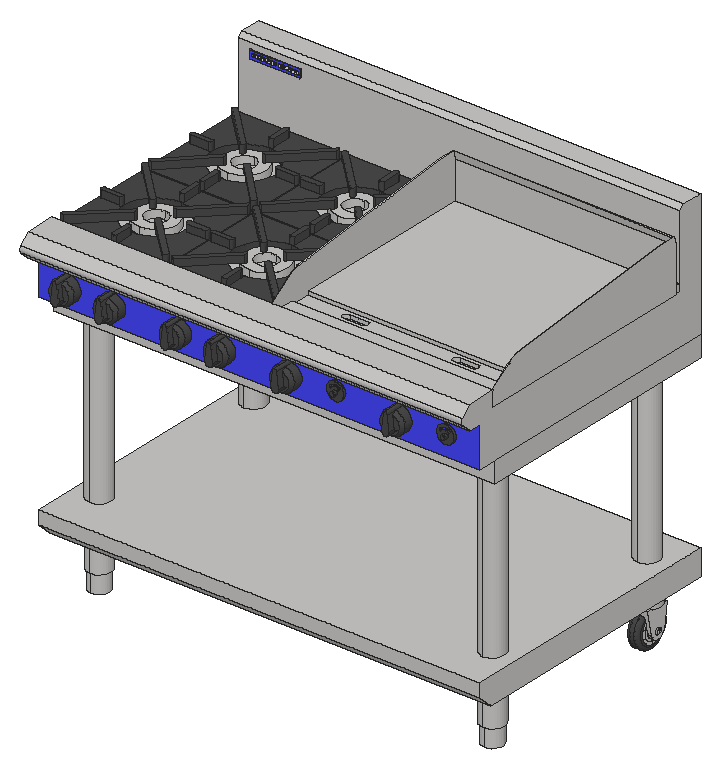
Revit family "QF_MOFFAT_BLUESEAL_CE_G518B-LS", category Specialty Equipment, Revit 2012 (continued)
Definition of nested family "GAS BURNER 600 & GRIDDLE 600"
  Definition of nested family "GAS BURNER 600"
    Lines and regions (mm)
      symbolic lines
        curve 209: arc (394.444, -405.393, 0) -> (420.313, -389.836, 0) -> (450.009, -384.418, 0) r 84.082
        curve 210: arc (390.635, -528.036, 0) -> (366.012, -472.294, 0) -> (385.509, -414.56, 0) r 84.082
        curve 211: arc (185.525, -121.924, 0) -> (168.817, -112.696, 0) -> (150, -109.5, 0) r 57
        curve 212: arc (396.332, -103.781, 0) -> (421.477, -89.406, 0) -> (450.009, -84.418, 0) r 84.082
        curve 213: arc (512.881, -112.67, 0) -> (534.084, -167.408, 0) -> (514.31, -222.678, 0) r 84.082
        curve 214: arc (505.339, -231.812, 0) -> (479.559, -247.219, 0) -> (450.009, -252.582, 0) r 84.082
        curve 215: arc (385.7, -222.668, 0) -> (365.934, -167.408, 0) -> (387.129, -112.68, 0) r 84.082
        curve 216: arc (205.331, -231.803, 0) -> (179.547, -247.216, 0) -> (149.991, -252.582, 0) r 84.082
        curve 217: arc (85.69, -222.678, 0) -> (65.916, -167.408, 0) -> (87.119, -112.67, 0) r 84.082
    Dimensions and locks
      equal spacing: plane 3 "LEFT", plane 7 "Center Y", plane 4 "RIGHT"
      "Width": plane 3 "LEFT" to plane 4 "RIGHT"
      equal spacing: plane 5 "FRONT", plane 8 "Center X", plane 1 "BACK"
      "Depth": plane 5 "FRONT" to plane 1 "BACK"
      aligned and locked: level to plane 2
    Automatic sketch dimensions
      plane 3 "LEFT" to Extrusion 1 sketch curve = 4 mm  (x2)
      plane 1 "BACK" to Extrusion 1 sketch curve = 0 mm
      plane 3 "LEFT" to Extrusion 1 sketch curve = 1 mm  (x2)
      Extrusion 1 sketch curve to Extrusion 1 sketch curve = 3 mm  (x5)
      plane 8 "Center X" to Extrusion 1 sketch curve = 149 mm
      Extrusion 1 sketch curve to plane 7 "Center Y" = 1 mm  (x2)
      plane 8 "Center X" to Extrusion 1 sketch curve = 2 mm  (x2)
      Extrusion 1 sketch curve to plane 5 "FRONT" = 166.5 mm
      Extrusion 1 sketch curve to plane 5 "FRONT" = 3 mm  (x2)
      plane 3 "LEFT" to Extrusion 1 sketch curve = 149.991 mm  (x2)
      Extrusion 2 sketch curve to Extrusion 1 = 22.602 mm  (x2)
      Extrusion 2 sketch curve to Extrusion 1 = 25.398 mm  (x2)
      Extrusion 2 sketch curve to Extrusion 2 sketch curve = 4.525 mm  (x16)
      Extrusion 2 sketch curve to Extrusion 2 sketch curve = 49.204 mm  (x5)
      Extrusion 2 sketch curve to Extrusion 2 sketch curve = 55.923 mm  (x5)
      Extrusion 2 sketch curve to Extrusion 2 sketch curve = 0 mm  (x5)
      Extrusion 2 sketch curve to Extrusion 2 sketch curve = 20.524 mm  (x8)
      Extrusion 2 sketch curve to Extrusion 2 sketch curve = 6.4 mm  (x8)
      Extrusion 2 sketch curve to Extrusion 2 sketch curve = 53.847 mm  (x8)
      Extrusion 2 sketch curve to Extrusion 1 = 56.602 mm
      Extrusion 2 sketch curve to Extrusion 1 = 5.102 mm  (x6)
      Extrusion 2 sketch curve to Extrusion 1 = 13.653 mm  (x2)
      Extrusion 2 sketch curve to Extrusion 1 = 7.398 mm  (x2)
      Extrusion 2 sketch curve to Extrusion 1 = 4.602 mm  (x2)
      Extrusion 2 sketch curve to Extrusion 1 = 7.898 mm  (x4)
      Extrusion 2 sketch curve to Extrusion 1 = 31.653 mm  (x2)
      Extrusion 2 sketch curve to Extrusion 1 = 57.102 mm
      Extrusion 2 sketch curve to Extrusion 1 = 14.153 mm
      Extrusion 3 sketch curve to Extrusion 3 sketch curve = 0 mm  (x24)
      plane 8 "Center X" to Extrusion 3 sketch curve = 208 mm
      Extrusion 3 sketch curve to Extrusion 3 sketch curve = 27 mm  (x2)
      Extrusion 3 sketch curve to Extrusion 3 sketch curve = 30 mm  (x2)
      Extrusion 3 sketch curve to plane 5 "FRONT" = 225.5 mm
      plane 3 "LEFT" to Extrusion 3 sketch curve = 150 mm  (x2)
      plane 4 "RIGHT" to Extrusion 4 sketch curve = 4 mm  (x2)
      plane 1 "BACK" to Extrusion 4 sketch curve = 0 mm
      plane 4 "RIGHT" to Extrusion 4 sketch curve = 1 mm  (x2)
      Extrusion 4 sketch curve to Extrusion 4 sketch curve = 3 mm  (x5)
      plane 8 "Center X" to Extrusion 4 sketch curve = 149 mm
      plane 7 "Center Y" to Extrusion 4 sketch curve = 1 mm  (x2)
      plane 8 "Center X" to Extrusion 4 sketch curve = 2 mm  (x2)
      Extrusion 4 sketch curve to plane 5 "FRONT" = 166.5 mm
      Extrusion 4 sketch curve to plane 5 "FRONT" = 3 mm  (x2)
      plane 4 "RIGHT" to Extrusion 4 sketch curve = 149.991 mm  (x2)
      Extrusion 5 sketch curve to Extrusion 4 = 22.602 mm  (x2)
      Extrusion 5 sketch curve to Extrusion 4 = 25.398 mm  (x2)
      Extrusion 5 sketch curve to Extrusion 5 sketch curve = 4.525 mm  (x16)
      Extrusion 5 sketch curve to Extrusion 5 sketch curve = 49.204 mm  (x4)
      Extrusion 5 sketch curve to Extrusion 5 sketch curve = 55.923 mm  (x5)
      Extrusion 5 sketch curve to Extrusion 5 sketch curve = 0 mm  (x6)
      Extrusion 5 sketch curve to Extrusion 5 sketch curve = 20.524 mm  (x7)
      Extrusion 5 sketch curve to Extrusion 5 sketch curve = 6.4 mm  (x8)
      Extrusion 5 sketch curve to Extrusion 5 sketch curve = 53.847 mm  (x8)
      Extrusion 5 sketch curve to Extrusion 4 = 56.602 mm
      Extrusion 5 sketch curve to Extrusion 4 = 5.102 mm  (x6)
      Extrusion 5 sketch curve to Extrusion 4 = 13.653 mm  (x2)
      Extrusion 5 sketch curve to Extrusion 4 = 7.398 mm  (x2)
      Extrusion 5 sketch curve to Extrusion 4 = 4.602 mm  (x2)
      Extrusion 5 sketch curve to Extrusion 4 = 7.898 mm  (x4)
      Extrusion 5 sketch curve to Extrusion 4 = 31.653 mm  (x2)
      Extrusion 5 sketch curve to Extrusion 4 = 57.102 mm  (x2)
      Extrusion 5 sketch curve to Extrusion 4 = 14.153 mm
      Extrusion 6 sketch curve to Extrusion 6 sketch curve = 0 mm  (x24)
      plane 8 "Center X" to Extrusion 6 sketch curve = 208 mm
      Extrusion 6 sketch curve to Extrusion 6 sketch curve = 27 mm  (x2)
      Extrusion 6 sketch curve to Extrusion 6 sketch curve = 30 mm  (x2)
      Extrusion 6 sketch curve to plane 5 "FRONT" = 225.5 mm
      plane 4 "RIGHT" to Extrusion 6 sketch curve = 150 mm  (x2)
      curve 1 to plane 7 "Center Y" = 123.076 mm
      curve 2 to curve 2 = 4.525 mm
      curve 1 to plane 7 "Center Y" = 15.153 mm
      curve 1 to curve 4 = 4.525 mm
      plane 1 "BACK" to curve 3 = 139.576 mm
      plane 1 "BACK" to curve 4 = 31.653 mm
      curve 7 to plane 7 "Center Y" = 58.102 mm
      curve 8 to plane 7 "Center Y" = 8.898 mm
      curve 8 to curve 2 = 20.524 mm
      curve 6 to curve 5 = 6.4 mm
      plane 7 "Center Y" to curve 9 = 6.102 mm
      curve 9 to curve 12 = 4.525 mm
      plane 7 "Center Y" to curve 10 = 114.025 mm
      curve 10 to curve 10 = 4.525 mm
      curve 5 to curve 10 = 20.524 mm
      curve 3 to curve 9 = 0 mm
      plane 1 "BACK" to curve 13 = 25.398 mm
      curve 10 to curve 13 = 20.524 mm
      curve 13 to curve 16 = 6.4 mm
      curve 14 to curve 15 = 49.204 mm
      curve 11 to curve 17 = 53.847 mm
      curve 18 to curve 18 = 4.525 mm
      plane 4 "RIGHT" to curve 17 = 15.153 mm
      curve 20 to curve 20 = 4.525 mm
      curve 18 to curve 11 = 9.051 mm
      plane 1 "BACK" to curve 20 = 31.653 mm
      plane 4 "RIGHT" to curve 22 = 58.102 mm
      plane 4 "RIGHT" to curve 21 = 8.898 mm
      curve 23 to curve 18 = 33.324 mm
      curve 22 to curve 22 = 6.4 mm
      curve 26 to curve 18 = 9.051 mm
      curve 27 to curve 26 = 4.525 mm
      plane 8 "Center X" to curve 27 = 3.602 mm
      plane 4 "RIGHT" to curve 27 = 15.153 mm
      curve 27 to curve 28 = 4.525 mm
      curve 27 to curve 18 = 62.898 mm
      curve 30 to curve 26 = 31.449 mm
      curve 192 to curve 27 = 21.025 mm
      curve 26 to curve 29 = 31.449 mm
      curve 14 to curve 31 = 0.009 mm
      curve 32 to curve 29 = 29.082 mm
      curve 31 to curve 29 = 2 mm
      curve 29 to curve 33 = 0 mm  (x2)
      curve 29 to curve 34 = 27 mm
      curve 211 to curve 2 = 31.449 mm
      curve 35 to curve 3 = 83.924 mm
      curve 35 to curve 2 = 31.449 mm
      curve 37 to curve 211 = 0.009 mm
      curve 216 to curve 35 = 29.082 mm
      curve 38 to curve 36 = 2 mm
      curve 42 to curve 185 = 6.391 mm
      curve 41 to curve 40 = 6.4 mm
      curve 185 to curve 41 = 9.816 mm
      plane 1 "BACK" to curve 41 = 25.398 mm
      plane 7 "Center Y" to curve 44 = 8.898 mm
      curve 44 to curve 45 = 49.204 mm
      curve 7 to curve 44 = 0 mm
      curve 45 to curve 44 = 6.4 mm
      plane 7 "Center Y" to curve 48 = 6.102 mm
      curve 48 to curve 48 = 4.525 mm
      curve 50 to curve 33 = 35.975 mm
      curve 47 to curve 50 = 4.525 mm
      plane 8 "Center X" to curve 48 = 3.602 mm
      curve 50 to curve 33 = 5.975 mm
      plane 8 "Center X" to curve 53 = 6.398 mm
      curve 53 to curve 32 = 6.409 mm
      curve 53 to curve 54 = 6.4 mm
      curve 52 to curve 32 = 9.316 mm
      plane 1 "BACK" to curve 56 = 0 mm
      plane 7 "Center Y" to curve 57 = 1 mm
      curve 57 to curve 56 = 3 mm
      curve 59 to plane 8 "Center X" = 1 mm
      plane 7 "Center Y" to curve 59 = 4 mm
      plane 4 "RIGHT" to curve 55 = 4 mm
      plane 4 "RIGHT" to curve 59 = 4 mm
      plane 4 "RIGHT" to curve 60 = 1 mm
      plane 1 "BACK" to curve 64 = 0 mm
      curve 66 to plane 8 "Center X" = 1 mm
      plane 3 "LEFT" to curve 66 = 4 mm
      plane 3 "LEFT" to curve 63 = 4 mm
      plane 3 "LEFT" to curve 64 = 1 mm
      curve 70 to plane 7 "Center Y" = 4 mm
      curve 68 to plane 7 "Center Y" = 4 mm
      curve 70 to plane 7 "Center Y" = 1 mm
      plane 5 "FRONT" to curve 74 = 0 mm
      plane 3 "LEFT" to curve 72 = 1 mm
      plane 3 "LEFT" to curve 74 = 4 mm
      curve 71 to curve 66 = 0 mm
      curve 75 to plane 7 "Center Y" = 4 mm
      curve 78 to plane 7 "Center Y" = 4 mm
      curve 77 to plane 7 "Center Y" = 1 mm
      curve 78 to curve 67 = 6 mm
      plane 5 "FRONT" to curve 82 = 0 mm
      plane 7 "Center Y" to curve 80 = 1 mm
      plane 7 "Center Y" to curve 82 = 4 mm
      curve 79 to curve 59 = 0 mm  (x2)
      plane 4 "RIGHT" to curve 83 = 4 mm
      plane 4 "RIGHT" to curve 84 = 1 mm
      curve 78 to curve 80 = 0 mm
      curve 35 to curve 88 = 26.924 mm
      curve 89 to curve 88 = 4.525 mm
      plane 8 "Center X" to curve 90 = 3.602 mm
      curve 90 to curve 68 = 11.153 mm
      curve 89 to curve 90 = 4.525 mm
      curve 35 to curve 89 = 21.025 mm
      plane 3 "LEFT" to curve 94 = 6.102 mm
      curve 94 to curve 94 = 4.525 mm
      curve 92 to curve 38 = 35.966 mm
      curve 92 to curve 92 = 4.525 mm
      plane 8 "Center X" to curve 91 = 3.602 mm
      curve 188 to curve 92 = 21.025 mm
      plane 3 "LEFT" to curve 98 = 8.898 mm
      curve 97 to curve 97 = 49.204 mm
      curve 93 to curve 98 = 20.524 mm
      curve 95 to curve 98 = 6.4 mm
      plane 3 "LEFT" to curve 102 = 6.102 mm
      curve 99 to curve 102 = 4.525 mm
      curve 100 to curve 36 = 35.975 mm
      curve 99 to curve 100 = 4.525 mm
      curve 36 to curve 100 = 26.924 mm
      curve 102 to curve 64 = 28.653 mm
      curve 35 to curve 103 = 0 mm  (x2)
      curve 35 to curve 104 = 27 mm
      curve 107 to curve 38 = 6.391 mm
      curve 107 to curve 108 = 6.4 mm
      plane 8 "Center X" to curve 108 = 6.398 mm
      curve 106 to curve 216 = 9.316 mm
      curve 112 to curve 107 = 0 mm
      curve 111 to curve 110 = 6.4 mm
      curve 111 to plane 8 "Center X" = 60.602 mm
      curve 110 to plane 8 "Center X" = 11.398 mm
      curve 109 to curve 114 = 20.524 mm
      curve 114 to curve 114 = 4.525 mm
      curve 116 to curve 78 = 11.153 mm
      curve 116 to curve 116 = 4.525 mm
      curve 115 to curve 109 = 64.974 mm
      curve 116 to curve 78 = 10.653 mm
      plane 3 "LEFT" to curve 118 = 6.102 mm
      curve 118 to curve 118 = 4.525 mm
      curve 120 to curve 113 = 62.898 mm
      curve 119 to curve 120 = 4.525 mm
      curve 120 to curve 113 = 9.051 mm
      curve 119 to curve 72 = 10.653 mm
      plane 3 "LEFT" to curve 121 = 8.898 mm
      curve 121 to curve 124 = 49.204 mm
      curve 123 to curve 120 = 33.324 mm
      curve 123 to curve 124 = 6.4 mm
      plane 3 "LEFT" to curve 126 = 6.102 mm
      curve 125 to curve 126 = 4.525 mm
      curve 125 to curve 119 = 0 mm
      curve 125 to curve 128 = 4.525 mm
      curve 74 to curve 127 = 19.602 mm
      curve 127 to curve 119 = 62.898 mm
      curve 127 to curve 130 = 20.524 mm
      curve 131 to curve 132 = 6.4 mm
      curve 132 to plane 5 "FRONT" = 25.398 mm
      curve 132 to curve 131 = 47.704 mm
      curve 127 to curve 136 = 53.847 mm
      curve 133 to curve 136 = 4.525 mm
      curve 134 to plane 7 "Center Y" = 15.153 mm
      curve 133 to curve 134 = 4.525 mm
      curve 76 to curve 134 = 19.602 mm
      curve 127 to curve 136 = 0 mm
      curve 208 to curve 130 = 0.009 mm
      curve 130 to curve 208 = 9.316 mm
      curve 137 to curve 120 = 29.949 mm
      curve 137 to curve 200 = 0.009 mm
      curve 208 to curve 139 = 29.082 mm
      curve 137 to curve 203 = 2 mm
      curve 203 to curve 141 = 0 mm  (x2)
      curve 139 to curve 142 = 27 mm
      curve 144 to plane 7 "Center Y" = 58.102 mm
      curve 143 to plane 7 "Center Y" = 8.898 mm
      curve 135 to curve 144 = 20.524 mm
      curve 144 to curve 144 = 6.4 mm
      plane 7 "Center Y" to curve 149 = 6.102 mm
      curve 148 to curve 148 = 4.525 mm
      plane 7 "Center Y" to curve 150 = 114.025 mm
      curve 149 to curve 150 = 4.525 mm
      curve 143 to curve 150 = 20.524 mm
      curve 149 to curve 80 = 10.653 mm
      curve 151 to curve 53 = 0 mm
      curve 151 to curve 154 = 6.4 mm
      curve 152 to plane 8 "Center X" = 60.602 mm
      curve 151 to plane 8 "Center X" = 11.398 mm
      curve 150 to curve 156 = 53.847 mm
      curve 156 to curve 156 = 4.525 mm
      curve 155 to curve 86 = 11.153 mm
      curve 155 to curve 158 = 4.525 mm
      curve 157 to curve 150 = 9.051 mm
      curve 158 to curve 86 = 10.653 mm
      plane 4 "RIGHT" to curve 160 = 58.102 mm
      plane 4 "RIGHT" to curve 159 = 8.898 mm
      curve 161 to curve 156 = 33.324 mm
      curve 160 to curve 160 = 6.4 mm
      curve 164 to curve 156 = 9.051 mm
      curve 164 to curve 164 = 4.525 mm
      plane 4 "RIGHT" to curve 165 = 15.153 mm
      curve 165 to curve 166 = 4.525 mm
      curve 84 to curve 165 = 19.602 mm
      curve 164 to curve 156 = 62.898 mm
      plane 7 "Center Y" to curve 170 = 6.102 mm
      curve 170 to curve 170 = 4.525 mm
      curve 168 to curve 150 = 0 mm
      curve 168 to curve 168 = 4.525 mm  (x2)
      curve 82 to curve 170 = 19.602 mm
      curve 167 to curve 164 = 0 mm
      plane 7 "Center Y" to curve 171 = 8.898 mm
      curve 174 to curve 172 = 49.204 mm
      curve 169 to curve 172 = 20.524 mm
      curve 171 to curve 172 = 6.4 mm
      curve 167 to curve 176 = 20.524 mm
      curve 178 to curve 178 = 6.4 mm
      curve 177 to plane 5 "FRONT" = 25.398 mm
      curve 175 to curve 175 = 47.704 mm
      curve 180 to curve 156 = 31.44 mm
      curve 176 to curve 180 = 9.316 mm
      curve 180 to curve 156 = 29.949 mm
      curve 182 to curve 179 = 0.009 mm
      curve 195 to curve 181 = 29.082 mm
      curve 179 to curve 181 = 2 mm
      curve 181 to curve 183 = 0 mm  (x2)
      curve 181 to curve 184 = 27 mm
      curve 37 to curve 38 = 0 mm  (x2)
      curve 185 to curve 100 = 22.227 mm
      curve 37 to curve 185 = 0 mm
      curve 2 to curve 37 = 22.219 mm
      curve 35 to curve 36 = 0 mm  (x2)
      curve 88 to curve 35 = 3.923 mm
      curve 35 to curve 211 = 0 mm
      curve 193 to curve 92 = 13.004 mm
      curve 29 to curve 30 = 0 mm  (x2)
      curve 189 to curve 10 = 13.126 mm
      curve 29 to curve 189 = 0 mm  (x2)
      curve 18 to curve 190 = 4.076 mm
      curve 29 to curve 190 = 0 mm
      curve 29 to curve 191 = 0 mm  (x2)
      curve 26 to curve 29 = 3.923 mm
      curve 189 to curve 50 = 13.004 mm
      curve 35 to curve 188 = 0 mm
      curve 35 to curve 193 = 0 mm  (x2)
      curve 193 to curve 100 = 13.126 mm
      curve 179 to curve 180 = 0 mm  (x2)
      curve 156 to curve 194 = 33.052 mm
      curve 179 to curve 194 = 0 mm  (x2)
      curve 179 to curve 195 = 0 mm
      curve 181 to curve 198 = 0 mm  (x2)
      curve 164 to curve 181 = 2.142 mm
      curve 181 to curve 196 = 0 mm  (x2)
      curve 198 to curve 168 = 11.581 mm
      curve 181 to curve 182 = 0 mm  (x2)
      curve 182 to curve 150 = 5.985 mm
      curve 181 to curve 197 = 0 mm
      curve 156 to curve 196 = 14.64 mm
      curve 203 to curve 140 = 0 mm  (x2)
      curve 114 to curve 200 = 5.985 mm
      curve 203 to curve 200 = 0 mm
      curve 201 to curve 120 = 14.64 mm
      curve 203 to curve 201 = 0 mm  (x2)
      curve 201 to curve 128 = 11.581 mm
      curve 139 to curve 140 = 0 mm  (x2)
      curve 136 to curve 139 = 2.142 mm
      curve 137 to curve 138 = 0 mm  (x2)
      curve 203 to curve 137 = 9.467 mm
      curve 137 to curve 204 = 0 mm  (x2)
      curve 137 to curve 204 = 8.936 mm
      curve 137 to curve 205 = 0 mm
      curve 205 to curve 140 = 18.13 mm
      curve 206 to curve 205 = 8.937 mm
      curve 206 to curve 205 = 9.165 mm
      curve 137 to curve 206 = 0 mm  (x2)
      curve 138 to curve 201 = 11.124 mm
      curve 139 to curve 202 = 0 mm  (x2)
      curve 202 to curve 202 = 1.784 mm
      curve 137 to curve 208 = 0 mm
      curve 203 to curve 204 = 20.253 mm
      curve 208 to curve 204 = 9.136 mm
      curve 208 to curve 204 = 8.967 mm
      curve 139 to curve 207 = 0 mm
      curve 139 to curve 203 = 9.439 mm
      curve 202 to curve 207 = 4.893 mm
      curve 207 to curve 202 = 4.003 mm
      curve 206 to curve 138 = 9.138 mm
      curve 138 to curve 206 = 8.965 mm
      curve 201 to curve 202 = 2.762 mm
      curve 202 to curve 201 = 2.96 mm
      curve 206 to curve 201 = 18.412 mm
      curve 203 to curve 136 = 6.958 mm
      curve 200 to curve 203 = 8.655 mm
      curve 201 to curve 140 = 9.447 mm
      curve 179 to curve 209 = 0 mm
      curve 210 to curve 182 = 27.057 mm
      curve 179 to curve 210 = 0 mm  (x2)
      curve 180 to curve 197 = 25.774 mm
      curve 181 to curve 199 = 0 mm
      curve 180 to curve 198 = 16.335 mm
      curve 198 to curve 182 = 8.655 mm
      curve 198 to curve 169 = 6.958 mm
      curve 199 to curve 196 = 8.655 mm
      curve 196 to curve 199 = 9.447 mm
      curve 181 to curve 196 = 9.439 mm
      curve 181 to curve 196 = 8.668 mm
      curve 210 to curve 209 = 8.936 mm
      curve 195 to curve 194 = 9.138 mm
      curve 179 to curve 194 = 8.937 mm
      curve 194 to curve 179 = 9.165 mm
      curve 195 to curve 194 = 8.965 mm
      curve 35 to curve 187 = 0 mm  (x2)
      curve 2 to curve 187 = 13.126 mm
      curve 31 to curve 32 = 0 mm  (x2)
      curve 212 to curve 189 = 9.093 mm
      curve 31 to curve 212 = 0 mm
      curve 190 to curve 31 = 18.152 mm
      curve 31 to curve 213 = 0 mm  (x2)
      curve 29 to curve 214 = 19.967 mm
      curve 31 to curve 214 = 0 mm
      curve 31 to curve 215 = 0 mm  (x2)
      curve 32 to curve 192 = 19.959 mm
      curve 31 to curve 213 = 9.204 mm
      curve 29 to curve 192 = 0 mm
      curve 190 to curve 191 = 9.051 mm
      curve 214 to curve 213 = 8.97 mm
      curve 214 to curve 213 = 9.134 mm
      curve 29 to curve 191 = 9.081 mm
      curve 29 to curve 191 = 9.019 mm
      curve 32 to curve 189 = 10.878 mm
      curve 192 to curve 189 = 9.019 mm
      curve 215 to curve 32 = 8.969 mm
      curve 32 to curve 215 = 9.135 mm
      curve 215 to curve 212 = 9.203 mm
      curve 215 to curve 212 = 8.899 mm
      curve 189 to curve 30 = 9.051 mm  (x2)
      curve 37 to curve 186 = 0 mm  (x2)
      curve 187 to curve 186 = 19.847 mm
      curve 37 to curve 216 = 0 mm
      curve 216 to curve 186 = 8.969 mm
      curve 35 to curve 187 = 9.081 mm
      curve 193 to curve 188 = 9.081 mm
      curve 188 to curve 193 = 9.019 mm
      curve 37 to curve 217 = 0 mm  (x2)
      curve 38 to curve 193 = 10.886 mm
      curve 217 to curve 38 = 8.97 mm
      curve 38 to curve 217 = 9.134 mm
      curve 217 to curve 185 = 9.204 mm
      curve 216 to curve 186 = 9.135 mm
      curve 37 to curve 186 = 9.203 mm
      curve 186 to curve 37 = 8.899 mm
      curve 211 to curve 187 = 9.051 mm
      curve 187 to curve 87 = 8.754 mm
      curve 193 to curve 36 = 9.051 mm
      curve 2 to curve 211 = 8.601 mm
      radius of Extrusion 1 sketch curve = 84.082 mm  (x2)
      radius of Extrusion 4 sketch curve = 84.082 mm  (x2)
  Definition of nested family "GAS GRIDDLE PLATE 600"
    Parameters (values of type "GAS GRIDDLE PLATE 600")
      Width [instance] = 600 mm
      Weight in Pounds = 0
      URL Cutsheet = ""
      Type Mark [instance] = ""
      Status [instance] = ""
      Specification by User [instance] = ""
      Specification by Manufacturer = ""
      Serial Number = ""
      Seismic Rating = ""
      SMACNA No = ""
      Revision Code [instance] = ""
      Omniclass Number and Title = ""
      NAFEM Spec ID Number = ""
      Masterspec = ""
      Item Number [instance] = ""
      Installed By [instance] = ""
      Identify Quantity as Lot [instance] = yes
      Furnished By [instance] = ""
      Foodservice Equipment Identifier [instance] = yes
      Depth [instance] = 620 mm
      CSI MasterFormat = ""
      CSI Master Format = ""
    Reference planes
      plane 1 "BACK": y = 0
      plane 2: z = 0
      plane 3 "LEFT": x = 0
      plane 4 "RIGHT": x = 600
      plane 5 "FRONT": y = -620
      plane 6 "TOP": z = 142.5
      plane 7 "Center Y": x = 300
      plane 8 "Center X": y = -310
      plane 9: y = -530.997
      plane 10: y = -541.497
      plane 11: y = -503.25
      plane 12: y = -557.737
    Forms (mm)
      Extrusion 1, solid, material "QF_Finishes_Stainless Steel"
        sketch origin (0, 70.003, -874.5) x (0, 1, 0) y (0, 0, 1)
          loop
            line (-70, 875) -> (-70, 997.489) -> (-75.228, 1017) -> (-117.24, 1017) -> (-589.533, 971.523)
            arc (-589.533, 971.523) -> (-614.56, 965.803) -> (-637.306, 953.899) r 100
            line (-637.306, 953.899) -> (-690.003, 917) -> (-690.003, 875) -> (-70, 875)
        from 0 to 1.8
      Extrusion 2, solid, material "QF_Finishes_Stainless Steel"
        sketch origin (600, 70.003, -874.5) x (0, -1, 0) y (0, 0, 1)
          loop
            line (70, 875) -> (690.003, 875) -> (690.003, 917) -> (637.306, 953.899)
            arc (637.306, 953.899) -> (614.56, 965.803) -> (589.533, 971.523) r 100
            line (589.533, 971.523) -> (117.24, 1017) -> (75.228, 1017) -> (70, 997.489) -> (70, 875)
        from 0 to 1.2
      Extrusion 3, solid, material "QF_Finishes_Stainless Steel"
        sketch origin (150, 70.003, -874.5) x (0, 1, 0) y (0, 0, 1)
          loop
            line (-55, 895) -> (-573.253, 895) -> (-573.253, 884.5) -> (-627.74, 884.5) -> (-627.74, 895) -> (-690.003, 895) -> (-690.003, 875) -> (-55, 875) -> (-55, 895)
        from -148.2 to 448.8
      Extrusion 4, void
        sketch origin (150, -541.497, 10) x (0, -1, 0) y (1, 0, 0)
          loop
            arc (-7.497, 25.113) -> (-17.497, 35.113) -> (-27.497, 25.113) r 10
            line (-27.497, 25.113) -> (-27.497, -24.887)
            arc (-27.497, -24.887) -> (-17.497, -34.887) -> (-7.497, -24.887) r 10
            line (-7.497, -24.887) -> (-7.497, 25.113)
          loop
            line (-7.497, 274.887) -> (-7.497, 324.887)
            arc (-7.497, 324.887) -> (-17.497, 334.887) -> (-27.497, 324.887) r 10
            line (-27.497, 324.887) -> (-27.497, 274.887)
            arc (-27.497, 274.887) -> (-17.497, 264.887) -> (-7.497, 274.887) r 10
        from -41.4 to 40.142
      Extrusion 5, solid, material "QF_Finishes_Stainless Steel"
        sketch origin (0, 70.003, -874.5) x (0, 1, 0) y (0, 0, 1)
          loop
            line (-70, 875) -> (-70, 997.489) -> (-75.228, 1017) -> (-76.884, 1017) -> (-71.6, 997.278) -> (-71.6, 875) -> (-70, 875)
        from 0 to 598.8
    Cuts and joins
      Extrusion 4 cuts Extrusion 3
      joined: Extrusion 1, Extrusion 2, Extrusion 3, Extrusion 5
    Lines and regions (mm)
      symbolic lines
        curve 1: line (600, -503.25, 0) -> (0, -503.25, 0)
        curve 2: line (0, -557.737, 0) -> (600, -557.737, 0)
        curve 3: line (0, -1.68, 0) -> (600, -1.68, 0)
        curve 4: line (600, -1.68, 0) -> (600, -620, 0)
        curve 5: line (0, -620, 0) -> (0, -1.68, 0)
        curve 6: line (0, -620, 0) -> (600, -620, 0)
        curve 7: arc (175.113, -534, 0) -> (185.113, -524, 0) -> (175.113, -514, 0) r 10
        curve 8: line (175.113, -514, 0) -> (125.113, -514, 0)
        curve 9: arc (125.113, -514, 0) -> (115.113, -524, 0) -> (125.113, -534, 0) r 10
        curve 10: line (125.113, -534, 0) -> (175.113, -534, 0)
        curve 11: arc (424.887, -534, 0) -> (414.887, -524, 0) -> (424.887, -514, 0) r 10
        curve 12: line (424.887, -514, 0) -> (474.887, -514, 0)
        curve 13: arc (474.887, -514, 0) -> (484.887, -524, 0) -> (474.887, -534, 0) r 10
        curve 14: line (474.887, -534, 0) -> (424.887, -534, 0)
    Dimensions and locks
      equal spacing: plane 3 "LEFT", plane 7 "Center Y", plane 4 "RIGHT"
      "Width": plane 3 "LEFT" to plane 4 "RIGHT"
      equal spacing: plane 5 "FRONT", plane 8 "Center X", plane 1 "BACK"
      "Depth": plane 5 "FRONT" to plane 1 "BACK"
      locked: Extrusion 2 to Extrusion 2 at 1.2
      aligned and locked: level to plane 2
      aligned and locked: Extrusion 2 to plane 4 "RIGHT"
      aligned and locked: curve 1 to plane 11
      aligned and locked: plane 12 to curve 2
      aligned and locked: Extrusion 5 to cut or joined group of Extrusion 1, Extrusion 2, Extrusion 3, Extrusion 4, Extrusion 5
    Automatic sketch dimensions
      Extrusion 1 sketch curve to plane 5 "FRONT" = 0 mm
      Extrusion 1 sketch curve to plane 6 "TOP" = 0 mm
      plane 12 to Extrusion 1 sketch curve = 9.566 mm
      plane 11 to Extrusion 1 sketch curve = 16.28 mm
      Extrusion 1 sketch curve to level = 2.516 mm
      plane 11 to Extrusion 1 sketch curve = 6.695 mm
      plane 1 "BACK" to Extrusion 1 sketch curve = 47.237 mm
      plane 1 "BACK" to Extrusion 1 sketch curve = 5.225 mm
      Extrusion 1 sketch curve to plane 1 "BACK" = 0.003 mm
      level to Extrusion 1 sketch curve = 0.5 mm
      Extrusion 1 sketch curve to Extrusion 1 sketch curve = 42 mm
      Extrusion 1 sketch curve to plane 6 "TOP" = 63.101 mm
      Extrusion 1 sketch curve to plane 6 "TOP" = 19.511 mm
      Extrusion 2 sketch curve to plane 6 "TOP" = 0 mm
      Extrusion 2 sketch curve to plane 5 "FRONT" = 0 mm
      plane 12 to Extrusion 2 sketch curve = 9.566 mm
      plane 11 to Extrusion 2 sketch curve = 16.28 mm
      Extrusion 2 sketch curve to level = 2.516 mm
      plane 11 to Extrusion 2 sketch curve = 6.695 mm
      plane 1 "BACK" to Extrusion 2 sketch curve = 47.237 mm
      plane 1 "BACK" to Extrusion 2 sketch curve = 5.225 mm
      Extrusion 2 sketch curve to plane 1 "BACK" = 0.003 mm
      level to Extrusion 2 sketch curve = 0.5 mm
      Extrusion 2 sketch curve to Extrusion 2 sketch curve = 42 mm
      Extrusion 2 sketch curve to plane 6 "TOP" = 63.101 mm
      Extrusion 2 sketch curve to plane 6 "TOP" = 19.511 mm
      Extrusion 3 sketch curve to plane 5 "FRONT" = 0 mm
      Extrusion 3 sketch curve to plane 12 = 0 mm
      Extrusion 3 sketch curve to plane 11 = 0 mm
      Extrusion 3 sketch curve to plane 1 "BACK" = 15.003 mm
      level to Extrusion 3 sketch curve = 0.5 mm
      level to Extrusion 3 sketch curve = 10 mm
      Extrusion 3 sketch curve to Extrusion 3 sketch curve = 10.5 mm  (x2)
      plane 1 "BACK" to Extrusion 5 sketch curve = 5.225 mm
      Extrusion 5 sketch curve to plane 1 "BACK" = 0.003 mm
      Extrusion 5 sketch curve to plane 6 "TOP" = 19.511 mm
      Extrusion 5 sketch curve to Extrusion 5 sketch curve = 1.6 mm
      Extrusion 5 sketch curve to Extrusion 5 sketch curve = 0.211 mm
      Extrusion 5 sketch curve to plane 6 "TOP" = 0 mm
      Extrusion 5 sketch curve to Extrusion 5 sketch curve = 1.656 mm
      level to Extrusion 5 sketch curve = 0.5 mm
      plane 11 to Extrusion 4 sketch curve = 10.75 mm  (x2)
      Extrusion 4 sketch curve to Extrusion 4 sketch curve = 10 mm  (x2)
      plane 3 "LEFT" to Extrusion 4 sketch curve = 125.113 mm
      Extrusion 4 sketch curve to Extrusion 4 sketch curve = 50 mm  (x2)
      plane 7 "Center Y" to Extrusion 4 sketch curve = 124.887 mm
      curve 6 to plane 3 "LEFT" = 0 mm
      curve 3 to plane 4 "RIGHT" = 0 mm
      plane 5 "FRONT" to curve 6 = 0 mm
      plane 11 to curve 8 = 10.75 mm
      plane 3 "LEFT" to curve 8 = 125.113 mm
      curve 10 to plane 12 = 23.737 mm
      curve 9 to curve 10 = 50 mm
      curve 11 to plane 12 = 23.737 mm
      plane 7 "Center Y" to curve 11 = 124.887 mm
      plane 11 to curve 12 = 10.75 mm
      curve 12 to curve 12 = 50 mm
      plane 1 "BACK" to curve 3 = 1.68 mm
